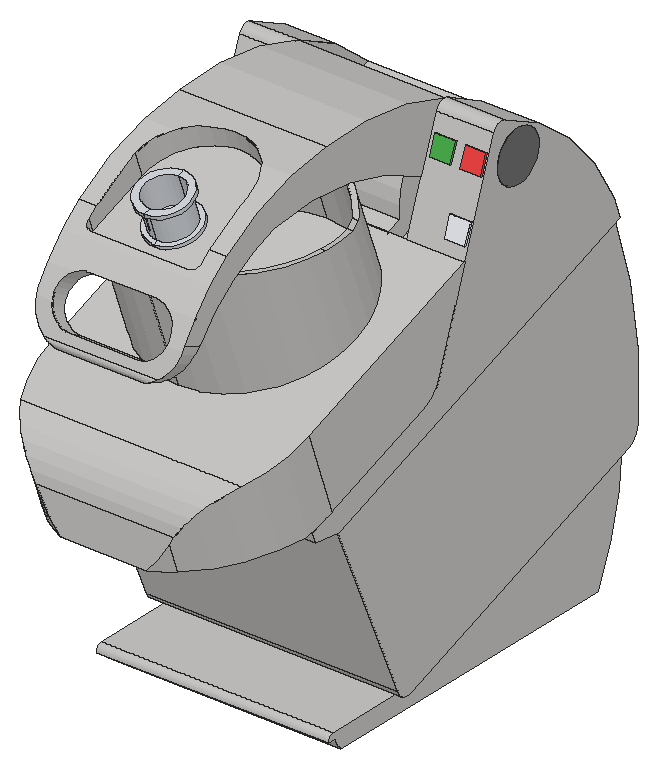
Revit family "QF_ELECTROLUXPROFESSIONAL_600468_TRSY2V", category Specialty Equipment, Revit 2018
Family settings
  Round Connector Dimension = Use Diameter
  Part Type = Normal
  Work Plane-Based = No
  Always vertical = Yes
  Cut with Voids When Loaded = No
  Shared = No
  Room Calculation Point = No
Parameters (values of type "QF_ELECTROLUX_600468_TRSY2V")
  Weight = 23.00 kg
  Watts = 0 W
  Volts = 380 V
  URL Manufacturer = "http://professional.electrolux.com"
  URL = "http://professional.electrolux.com"
  Steam Supply Size = 0 mm
  Steam Supply Minimum Pressure = 0.0 Pa
  Steam Supply Maximum Pressure = 0.0 Pa
  Steam Pounds per Hour = 0
  Refrigeration Suction Line Size = 0 mm
  Refrigeration Liquid Line Size = 0 mm
  Refrigerant Compressor Remote = yes
  Manufacturer = "Electrolux"
  Phase = 3
  Model = "TRSY2V"
  Length Actual = 252 mm  # constant formula
  Item Number = "600468"
  Hot Water Size = 0 mm
  Height Actual = 515 mm  # constant formula
  HP = "1 HP"
  Gas Size = 0 mm
  Gas KW = 0
  Gas Input Pressure = 0 W
  Direct Waste Size = 0 mm
  Description = "VEGETABLE SLICER-2 SPEED-750W-380-440/3/50-60"
  Depth Actual = 500 mm  # constant formula
  Cycle = 60 Hz
  Condensate Return Size = 0 mm
  Compressed Air Volume = 0.0 L/s
  Compressed Air Size = 0 mm
  Compressed Air Pressure = 0.0 Pa
  Cold Water Size = 0 mm
  Accessory = yes
Reference planes
  plane 1 "Center (Front/Back)": y = 0
  plane 2: z = 0
  plane 3 "Center (Left/Right)": x = 0
  plane 4 "BASE": through (-1506.947, -1354.442, -482.669) normal (0, -0.342, 0.9397)
  plane 5 "TOP": z = 780
  plane 6 "FRONT": y = -250
  plane 7 "BACK": y = 250
  plane 8 "LEFT": x = -126
  plane 9 "RIGHT": x = 126
  plane 10 "BaseSup": through (4267.2, -355.454, 143.983) normal (0, -0.342, 0.9397)
  plane 11 "TopCylinder": z = 502
  plane 12 "panel": through (4267.2, 37.396, 376.789) normal (0, -0.9397, 0.342)
  plane 13 "TAN1": through (4267.2, -242.8, 386.84) normal (0, -0.868, 0.4965)
  plane 14 "cx": x = -4.392
Forms (mm)
  Extrusion 1, solid, material "QF_Finishes_Stainless Steel"
    sketch origin (0, 71.755, 29.173) x (0, 0.939693, 0.34202) y (0, -0.34202, 0.939693)
      loop
        line (194.125, 30) -> (-100, 30) -> (-172.671, 56.45)
        arc (-172.671, 56.45) -> (-177.706, 56.23) -> (-181.11, 52.515) r 6.584
        line (-181.11, 52.515) -> (-172.825, 49.499)
        arc (-172.825, 49.499) -> (-173.282, 42.917) -> (-170.601, 36.887) r 13.662
        line (-170.601, 36.887) -> (125.402, -70.849)
        arc (125.402, -70.849) -> (140.415, -55.659) -> (154.125, -39.282) r 258.806
        arc (154.125, -39.282) -> (176.416, -5.964) -> (194.125, 30) r 303.676
    from -114.1 to 114.1
  Extrusion 2, solid, material "QF_Finishes_Stainless Steel"
    sketch origin (0, 71.755, 29.173) x (0, 0.939693, 0.34202) y (0, -0.34202, 0.939693)
      loop
        arc (-117.754, 231.836) -> (-115.421, 136.806) -> (-106.378, 42.177) r 1344.145
        arc (-106.378, 42.177) -> (-102.811, 33.567) -> (-94.2, 30) r 12.177
        line (-94.2, 30) -> (191.415, 30)
        arc (191.415, 30) -> (200.799, 34.052) -> (207.001, 42.177) r 20.212
        arc (207.001, 42.177) -> (237.263, 134.79) -> (245.906, 231.836) r 430.148
        line (245.906, 231.836) -> (-117.754, 231.836)
    from -123.6 to 123.2
  Extrusion 3, solid, material "QF_Finishes_Stainless Steel"
    sketch origin (0, 71.755, 29.173) x (0, 0.939693, 0.34202) y (0, -0.34202, 0.939693)
      loop
        line (-117.754, 231.836) -> (250, 231.836) -> (250, 254)
        arc (250, 254) -> (225.127, 344.7) -> (167.861, 419.303) r 244.524
        arc (167.861, 419.303) -> (160.498, 421.774) -> (153.587, 418.23) r 10
        line (153.587, 418.23) -> (25.432, 265.5)
        arc (25.432, 265.5) -> (14.376, 257.016) -> (0.77, 254) r 32.194
        line (0.77, 254) -> (-142.678, 254) -> (-142.678, 244) -> (-117.754, 231.836)
    from -125 to 125
  Extrusion 4, void
    sketch origin (0, 71.755, 29.173) x (0, 0.939693, 0.34202) y (0, -0.34202, 0.939693)
      loop
        line (146.605, 338.403) -> (228.145, 338.403)
        arc (228.145, 338.403) -> (202.221, 381.996) -> (167.861, 419.303) r 244.524
        arc (167.861, 419.303) -> (160.498, 421.774) -> (153.587, 418.23) r 10
        line (153.587, 418.23) -> (72.34, 321.403) -> (146.605, 321.403) -> (146.605, 338.403)
    from -76.755 to 68.071
  Extrusion 5, solid, material "QF_Finishes_Stainless Steel"
    sketch origin (0, 71.755, 29.173) x (0, 0.939693, 0.34202) y (0, -0.34202, 0.939693)
      loop
        line (86.605, 338.403) -> (69.605, 321.403) -> (146.605, 321.403) -> (146.605, 338.403) -> (138.179, 338.403) -> (138.179, 369.367)
        arc (138.179, 369.367) -> (147.784, 373.474) -> (158.149, 372.174) r 19.987
        arc (158.149, 372.174) -> (156.791, 382.001) -> (162.888, 389.826) r 12.748
        arc (162.888, 389.826) -> (123.302, 374.774) -> (101.605, 338.403) r 64.447
        line (101.605, 338.403) -> (86.605, 338.403)
    from -65 to 50
  Extrusion 6, solid, material "QF_Finishes_Stainless Steel"
    sketch origin (539, 71.755, 29.173) x (0, -0.939693, -0.34202) y (0, -0.34202, 0.939693)
      loop
        circle (-169.102, 378.696) r 12.748
    from 489 to 604
  Extrusion 7, solid, material "QF_Finishes_Rubber Black"
    sketch origin (0, 71.755, 29.173) x (0, 0.939693, 0.34202) y (0, -0.34202, 0.939693)
      loop
        circle (169.102, 378.696) r 25
    from 125 to 126.6
  Extrusion 8, solid, material "QF_Finishes_Green"
    sketch origin (-10, -113.728, -38.42) x (0, -0.34202, -0.939693) y (1, 0, 0)
      loop
        line (-529.862, 82.865) -> (-509.862, 82.865) -> (-509.862, 102.865) -> (-529.862, 102.865) -> (-529.862, 82.865)
    from 0 to 1.6
  Extrusion 9, solid, material "QF_Finishes_Red"
    sketch origin (20, -113.728, -38.42) x (0, -0.34202, -0.939693) y (1, 0, 0)
      loop
        line (-529.862, 82.865) -> (-509.862, 82.865) -> (-509.862, 102.865) -> (-529.862, 102.865) -> (-529.862, 82.865)
    from 0 to 1.6
  Extrusion 10, solid, material "QF_Finishes_White"
    sketch origin (19.976, -149.421, -75.636) x (0, -0.34202, -0.939693) y (1, 0, 0)
      loop
        line (-521.192, 82.865) -> (-501.192, 82.865) -> (-501.192, 102.865) -> (-521.192, 102.865) -> (-521.192, 82.865)
    from 0 to 1.6
  Extrusion 11, solid, material "QF_Finishes_Rubber Black"
    sketch origin (-20, -306.935, 99.376) x (0, -1, 0) y (1, 0, 0)
      loop
        circle (-230.144, 103.748) r 10
      loop
        circle (-230.144, -61.252) r 10
    from 9.274 to 3.787
  Extrusion 12, void
    sketch origin (-20.94, 306.731, 139.428) x (-1, 0, 0) y (0, -0.34202, 0.939693)
      loop
        circle (-20.94, 196.093) r 10
    from -1.916 to -26.433
  Extrusion 13, solid, material "QF_Finishes_Stainless Steel"
    sketch origin (-20.94, 306.678, 139.573) x (-1, 0, 0) y (0, -0.34202, 0.939693)
      loop
        circle (-20.94, 195.939) r 9.999
    from -8.514 to -26.433
  Extrusion 14, solid, material "QF_Finishes_Stainless Steel"
    sketch origin (0, -15.119, 267.855) x (0, -0.939693, -0.34202) y (1, 0, 0)
      loop
        line (-86.605, -125) -> (117.754, -125)
        arc (117.754, -125) -> (182.577, -108.838) -> (232.224, -64.135) r 138.076
        arc (232.224, -64.135) -> (246.337, -33.516) -> (250, 0) r 104.824
        arc (250, 0) -> (246.337, 33.516) -> (232.224, 64.135) r 104.824
        arc (232.224, 64.135) -> (182.577, 108.838) -> (117.754, 125) r 138.076
        line (117.754, 125) -> (-86.605, 125) -> (-86.605, -125)
    from 0 to 84.403
  Extrusion 15, void
    sketch origin (0, 71.755, 29.173) x (0, 0.939693, 0.34202) y (0, -0.34202, 0.939693)
      loop
        line (-148.177, 254) -> (-243.49, 272.527) -> (-229.509, 307.133)
        arc (-229.509, 307.133) -> (-211.109, 329.855) -> (-183.149, 338.403) r 50
        line (-183.149, 338.403) -> (-263.395, 338.403) -> (-263.395, 254) -> (-148.177, 254)
      loop
        line (86.605, 338.403) -> (25.432, 265.5)
        arc (25.432, 265.5) -> (14.376, 257.016) -> (0.77, 254) r 32.194
        line (0.77, 254) -> (86.605, 254) -> (86.605, 338.403)
    from -156.555 to 144.79
  Extrusion 16, solid, material "QF_Finishes_Rubber Black"
    sketch origin (-20, -28.598, 99.376) x (0, -1, 0) y (1, 0, 0)
      loop
        circle (-230.144, 103.748) r 10
      loop
        circle (-230.144, -61.252) r 10
    from 9.274 to 3.787
  Extrusion 17, solid, material "QF_Finishes_Stainless Steel"
    sketch origin (0, 0, 0) x (0, 1, 0) y (0, 0, 1)
      loop
        arc (-237.987, 360.286) -> (-193.334, 422.101) -> (-125.907, 457.716) r 167.502
        arc (-125.907, 457.716) -> (-32.614, 457.202) -> (54.785, 424.565) r 266.494
        line (54.785, 424.565) -> (73.036, 474.711)
        arc (73.036, 474.711) -> (77.269, 479.853) -> (83.792, 481.198) r 10
        arc (83.792, 481.198) -> (12.917, 500.705) -> (-60.594, 500.999) r 278.64
        arc (-60.594, 500.999) -> (-125.023, 488.463) -> (-183.511, 458.675) r 236.13
        arc (-183.511, 458.675) -> (-222.818, 420.732) -> (-248.457, 372.49) r 174.407
        arc (-248.457, 372.49) -> (-249.83, 368.135) -> (-247.05, 364.513) r 4.945
        line (-247.05, 364.513) -> (-237.987, 360.286)
    from -76.755 to 68.071
  Extrusion 18, void
    sketch origin (0, -252.846, 369.279) x (0, -0.496521, -0.868025) y (1, 0, 0)
      loop
        line (-13.723, -36.755) -> (-13.723, 28.071)
        arc (-13.723, 28.071) -> (-38.723, 53.071) -> (-63.723, 28.071) r 25
        line (-63.723, 28.071) -> (-63.723, -36.755)
        arc (-63.723, -36.755) -> (-38.723, -61.755) -> (-13.723, -36.755) r 25
    from -148.493 to 7.125
  Extrusion 19, void
    sketch origin (0, -88.076, 32.057) x (0, -0.34202, -0.939693) y (1, 0, 0)
      loop
        line (-257.162, 68.071) -> (-297.162, 68.071)
        arc (-297.162, 68.071) -> (-268.878, 56.356) -> (-257.162, 28.071) r 40
        line (-257.162, 28.071) -> (-257.162, 68.071)
      loop
        line (-257.162, -76.755) -> (-257.162, -36.755)
        arc (-257.162, -36.755) -> (-268.878, -65.039) -> (-297.162, -76.755) r 40
        line (-297.162, -76.755) -> (-257.162, -76.755)
    from 233.374 to 280.473
  Extrusion 20, void
    sketch origin (0, -73.76, 246.511) x (0, -0.939693, -0.34202) y (1, 0, 0)
      loop
        spline (50.415, 43.499) -> (50.302, 44.538) -> (50.07, 45.551) -> (49.722, 46.523) -> (49.265, 47.436) -> (48.705, 48.278) -> (48.053, 49.034) -> (47.317, 49.692) -> (46.511, 50.241) -> (45.647, 50.674) -> (44.738, 50.981) -> (43.801, 51.16) -> (42.848, 51.221)
        line (42.848, 51.221) -> (-21.826, 51.221)
        arc (-21.826, 51.221) -> (-77.476, -4.429) -> (-21.826, -60.078) r 55.65
        line (-21.826, -60.078) -> (42.849, -60.064)
        spline (42.849, -60.064) -> (43.796, -60.017) -> (44.73, -59.836) -> (45.637, -59.525) -> (46.5, -59.088) -> (47.306, -58.532) -> (48.042, -57.867) -> (48.695, -57.103) -> (49.256, -56.253) -> (49.715, -55.331) -> (50.065, -54.351) -> (50.3, -53.329) -> (50.415, -52.283)
        line (50.415, -52.283) -> (50.415, 43.499)
    from 219.928 to 259.975
  Extrusion 21, void
    sketch origin (0, -87.856, 241.381) x (0, -0.939693, -0.34202) y (1, 0, 0)
      loop
        circle (-4.976, -4.429) r 22.5
    from 184.171 to 259.975
  Extrusion 22, solid, material "QF_Finishes_Stainless Steel"
    sketch origin (0, -57.13, 252.564) x (0, -0.939693, -0.34202) y (1, 0, 0)
      loop
        circle (-27.476, -4.429) r 100
      loop
        circle (-27.476, -4.429) r 95
    from 84.403 to 219.928
  Extrusion 23, void
    sketch origin (539, 0, 0) x (0, -1, 0) y (0, 0, 1)
      loop
        line (-7.229, 448.453) -> (38.883, 431.669) -> (53.883, 431.669) -> (97.232, 435.738) -> (172.232, 435.738) -> (200.5, 434.424) -> (12.562, 502.828) -> (-7.229, 448.453)
    from 424.9 to 664
  Revolve 24, solid
    sketch origin (-4.392, 0, 0) x (0, 1, 0) y (0, 0, 1)
      loop
        line (-159.523, 452.833) -> (-177.266, 446.376) -> (-188.766, 477.973) -> (-195.199, 475.631) -> (-193.959, 472.225) -> (-189.261, 473.935) -> (-179, 445.744) -> (-183.698, 444.034) -> (-182.575, 440.948) -> (-179.543, 442.052) -> (-133.191, 314.7) -> (-112.048, 322.396) -> (-159.523, 452.833)
      axis (-112.048, 322.396) -> (-171.023, 484.431)
    angle from 0 to 360
  Extrusion 25, solid, material "QF_Door-Drawer Clearances", detail levels coarse
    sketch origin (0, -259.129, 728.467) x (0, -0.462376, -0.886684) y (0, 0.886684, -0.462376)
      loop
        arc (-237.987, 360.286) -> (-193.334, 422.101) -> (-125.907, 457.716) r 167.502
        arc (-125.907, 457.716) -> (-32.614, 457.202) -> (54.785, 424.565) r 266.494
        line (54.785, 424.565) -> (59.562, 427.056)
        arc (59.562, 427.056) -> (59.025, 458.234) -> (62.46, 489.226) r 244.524
        arc (62.46, 489.226) -> (1.594, 502.023) -> (-60.594, 500.999) r 278.64
        arc (-60.594, 500.999) -> (-125.023, 488.463) -> (-183.511, 458.675) r 236.13
        arc (-183.511, 458.675) -> (-222.818, 420.732) -> (-248.457, 372.49) r 174.407
        arc (-248.457, 372.49) -> (-249.83, 368.135) -> (-247.05, 364.513) r 4.945
        line (-247.05, 364.513) -> (-237.987, 360.286)
    from -76.755 to 68.071
  Extrusion 26, solid, material "QF_Door-Drawer Clearances", detail levels coarse
    sketch origin (-4.392, 0, 0) x (0, 1, 0) y (0, 0, 1)
      loop
        arc (180.062, 780.324) -> (-149.234, 694.151) -> (-249.905, 368.994) r 350.321
        line (-249.905, 368.994) -> (-246.546, 377.767)
        arc (-246.546, 377.767) -> (-144.345, 691.9) -> (174.993, 776.44) r 345.321
        line (174.993, 776.44) -> (180.062, 780.324)
    from -60 to 60
Cuts and joins
  Extrusion 4, Extrusion 19, Extrusion 20, Extrusion 21 cuts Extrusion 3
  Extrusion 15, Extrusion 19, Extrusion 20, Extrusion 21 cuts Extrusion 14
  Extrusion 18, Extrusion 19, Extrusion 20, Extrusion 21 cuts Extrusion 17
  Extrusion 12, Extrusion 20, Extrusion 21 cuts Extrusion 2
  Extrusion 23 cuts Extrusion 22
Lines and regions (mm)
  model lines
    curve 1: line (-65, 80.335, 302.597) -> (50, 80.335, 302.597)
    curve 2: line (-65, 83.13, 303.615) -> (50, 83.13, 303.615)
Dimensions and locks
  plane 5 "TOP" to level = 780 mm
  plane 8 "LEFT" to plane 3 "Center (Left/Right)" to plane 9 "RIGHT" = 126 mm, 126 mm
  plane 7 "BACK" to plane 1 "Center (Front/Back)" to plane 6 "FRONT" = 250 mm, 250 mm
  plane 5 "TOP" to plane 2 = 780 mm
  plane 5 "TOP" to plane 11 "TopCylinder" = 278 mm
  plane 6 "FRONT" to plane 7 "BACK" = 500 mm
  plane 7 "BACK" to plane 6 "FRONT" = 500 mm
  plane 11 "TopCylinder" to level = 502 mm
  aligned and locked: level to plane 2
Connectors
  electrical at (0, 231.662, 320.783), driven by "Volts"
    settings: on Extrusion 13, index 1, voltage 380 V, apparent load 0 VA, apparent load phase1 0 VA, apparent load phase2 0 VA, apparent load phase3 0 VA, power factor 1, load classification "Other", number of poles 1, system type 30, power factor state 1, is connector primary yes, connector utility no, sub classification motor no, connector description "Electrical Connection"
